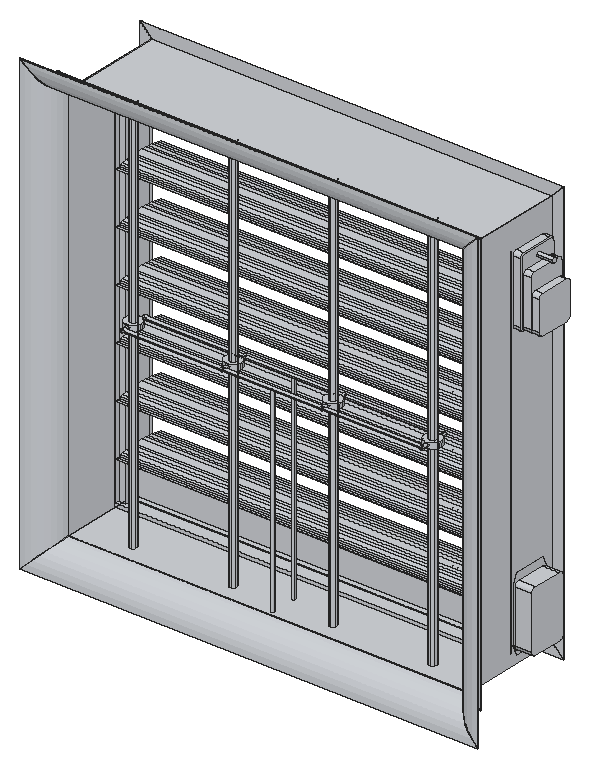
Revit family "X-12", category Mechanical Equipment, Revit 2015
Parameters
  URL = "https://unitedenertech.com/catalog/pdf/O_1%20X-12%20IAQ%20Station.pdf"
  Type Comments = "Max. Single Section Size is (60\"w x 72\"h)"
  Sleeve Width O.D. [instance] = Exact Width + 0' 3"  # 4' - 3"
  Sleeve Height O.D. [instance] = Exact Height + 0' 3"  # 4' - 3"
  Model = "X-12"
  Inlet Bell Option = yes
  (4) Tube Visibility [instance] = if(Exact Width > 2' 11 251/256", 2 > 1, 1 > 2)  # yes
  (3) Tube Visibility [instance] = if(and(Exact Width > 1' 11 251/256", Exact Width < 2' 11 251/256"), 2 > 1, 1 > 2)  # no
  (2) Tube Visibility [instance] = if(and(Exact Width > 0' 11 251/256", Exact Width < 1' 11 251/256"), 2 > 1, 1 > 2)  # no
  (1) Tube Visibility [instance] = if(Exact Width < 0' 11 251/256", 2 > 1, 1 > 2)  # no
  Manufacturer = "United Enertech Corporation"
  Keynote = "Flow Sensors set to visibility parameters, correct number and spacing will show when loaded into project."
  Exact Width = 4' - 0"
  Exact Height = 4' - 0"
  Description = "Indoor Air Quality Measuring Station with CD-150"
  Depth = 1' - 0 1/2"
  Damper Width [instance] = Exact Width - 0' 0 1/4"  # 3' - 11 3/4"
  Damper Height [instance] = Exact Height - 0' 0 1/4"  # 3' - 11 3/4"
Reference planes (in)
  plane 1 "Center (Front/Back)": y = 0
  plane 2: z = 0
  plane 3 "Center (Left/Right)": x = 0
  plane 4: x = -24
  plane 5: x = 24
  plane 6: z = 48
  plane 7: y = 12.5
  plane 8: z = 24
  plane 9: x = 24.0478
  plane 10: z = 44.62969
  plane 11: y = 2.1952
  plane 12: z = 49.5
  plane 13: z = -1.5
  plane 14: x = -25.5
  plane 15: x = 25.5
Forms (in)
  Extrusion 1, solid
    sketch origin (13, 0.1875, 0) x (1, 0, 0) y (0, 1, 0)
      loop
        circle (-13, 0.45626) r 0.1875
    from 0 to 24
  Extrusion 2, solid
    sketch origin (13, 3.29038, 0) x (1, 0, 0) y (0, 1, 0)
      loop
        circle (-13, 0.45626) r 0.1875
    from 0 to 24
Dimensions and locks (in)
  equal spacing: plane 4, plane 3 "Center (Left/Right)", plane 5
  "Exact Width": plane 4 to plane 5
  "Exact Height": plane 6 to level
  "Depth": plane 7 to plane 1 "Center (Front/Back)"
  equal spacing: plane 6, plane 8, level
  locked: plane 9 to plane 5 at 0.0478
  locked: plane 6 to plane 10 at 3.37031
  locked: plane 12 to plane 6 at 1.5
  locked: level to plane 13 at 1.5
  locked: plane 14 to plane 4 at 1.5
  locked: plane 5 to plane 15 at 1.5
  aligned and locked: level to plane 2
  aligned and locked: nested 1 to plane 4
  aligned and locked: plane 5 to nested 3
  aligned and locked: plane 3 "Center (Left/Right)" to nested 2
  aligned and locked: nested 4 to plane 3 "Center (Left/Right)"
  aligned and locked: level to nested 2
  aligned and locked: plane 6 to nested 4
  aligned and locked: plane 3 "Center (Left/Right)" to nested 5
  aligned and locked: plane 8 to Extrusion 1
  aligned and locked: plane 8 to Extrusion 2
  aligned and locked: plane 10 to nested 7
  aligned and locked: plane 9 to nested 7
  aligned and locked: plane 9 to nested 8
  aligned and locked: plane 3 "Center (Left/Right)" to nested 6
  aligned and locked: plane 11 to nested 9
  aligned and locked: plane 3 "Center (Left/Right)" to nested 9
  aligned and locked: plane 11 to nested 10
  aligned and locked: plane 3 "Center (Left/Right)" to nested 10
  aligned and locked: plane 11 to nested 11
  aligned and locked: plane 3 "Center (Left/Right)" to nested 11
  aligned and locked: plane 3 "Center (Left/Right)" to nested 12
  aligned and locked: plane 1 "Center (Front/Back)" to nested 12
  aligned and locked: plane 12 to nested 12
  aligned and locked: nested 14 to plane 3 "Center (Left/Right)"
  aligned and locked: plane 13 to nested 14
  aligned and locked: nested 14 to plane 1 "Center (Front/Back)"
  aligned and locked: nested 13 to plane 8
  aligned and locked: plane 15 to nested 13
  aligned and locked: nested 13 to nested 14
  aligned and locked: plane 8 to nested 15
  aligned and locked: nested 15 to plane 14
  aligned and locked: nested 15 to plane 1 "Center (Front/Back)"
Automatic sketch dimensions
  Extrusion 1 sketch curve to plane 3 "Center (Left/Right)" = 0' - 0"
  Extrusion 1 sketch curve to plane 1 "Center (Front/Back)" = 0' - 0.64376"
  Extrusion 2 sketch curve to plane 3 "Center (Left/Right)" = 0' - 0"
  Extrusion 2 sketch curve to plane 1 "Center (Front/Back)" = 0' - 3.74664"
  radius of Extrusion 1 sketch curve = 0' - 0 3/16"
  radius of Extrusion 2 sketch curve = 0' - 0 3/16"
Nested families (in)
  nested 1: "X11 Sleeve" at (-25.5, 5.5, -1.5), type "X11 Sleeve"
    with Sleeve Height 4' - 3"
  nested 2: "X11 Sleeve Sill" at (0, 12.5, -1.5), type "X11 Sleeve Sill"
    with Sleeve Length 4' - 3"
  nested 3: "X11 Sleeve" at (25.5, 5.5, -1.5) x (-1, 0, 0) z (0, 0, 1), type "X11 Sleeve"
    with Sleeve Height 4' - 3"
  nested 4: "X11 Sleeve Sill" at (0, 12.5, 49.5) x (1, 0, 0) z (0, 0, -1), type "X11 Sleeve Sill"
    with Sleeve Length 4' - 3"
  nested 5: "CD-150,151" at (0, 6.77656, 0.125), type "CD-150,151"
    with Blade Number 7, BW 3' - 9 13/16", Exact Width 3' - 11 3/4", Exact Height 3' - 11 3/4"
  nested 6: "Vertical Tubes" at (0, 2.1952, 0), visible <- "(1) Tube Visibility", type "Vertical Tubes"
    with Tube Height 4' - 0"
  nested 7: "Actuator" at (26.08359, 8.92639, 0), type "Actuator"
  nested 8: "Transducer" at (38.21171, 19.38188, 4.28734), type "Transducer"
  nested 9: "2 Tubes" at (0, 2.1952, 0), visible <- "(2) Tube Visibility", type "2 Tubes"
    with Tube End 1' - 0", Tube Width 4' - 0", Tube Height 4' - 0"
  nested 10: "3 Tubes" at (0, 2.1952, 0), visible <- "(3) Tube Visibility", type "3 Tubes"
    with Tube End 0' - 8", Tube Width 4' - 0", Tube Height 4' - 0"
  nested 11: "4 Tubes" at (0, 2.1952, 0), visible <- "(4) Tube Visibility", type "4 Tubes"
    with Tube Middle 1' - 0", Tube End 0' - 6", Tube Width 4' - 0", Tube Height 4' - 0"
  nested 12: "X12 BM" at (0, 0, 48), visible <- "Inlet Bell Option", type "X12 BM"
    with Sleeve O.D. 4' - 3"
  nested 13: "X12 BM2" at (24, 0, 24) x (0, 0, -1) z (1, 0, 0), visible <- "Inlet Bell Option", type "X12 BM2"
    with Sleeve O.D. 4' - 3"
  nested 14: "X12 BM" at (0, 0, 0) x (1, 0, 0) z (0, 0, -1), visible <- "Inlet Bell Option", type "X12 BM"
    with Sleeve O.D. 4' - 3"
  nested 15: "X12 BM2" at (-24, 0, 24) x (0, 0, -1) z (-1, 0, 0), visible <- "Inlet Bell Option", type "X12 BM2"
    with Sleeve O.D. 4' - 3"
Definition of nested family "X11 Sleeve"
  Parameters (values of type "X11 Sleeve")
    Sleeve Height = 3' - 0"
  Reference planes (in)
    plane 1 "Center (Front/Back)": y = 0
    plane 2: z = 0
    plane 3 "Center (Left/Right)": x = 0
    plane 4: z = 36
  Forms (in)
    Extrusion 1, solid
      sketch origin (34.47473, 6.1468, 0) x (1, 0, 0) y (0, 1, 0)
        loop
          line (-34.47473, -11.6468) -> (-32.97473, -11.6468) -> (-32.97473, 0.8532) -> (-34.47473, 0.8532) -> (-34.47473, 0.8054) -> (-33.02253, 0.8054) -> (-33.02253, -11.599) -> (-34.47473, -11.599) -> (-34.47473, -11.6468)
      from 0 to 36
    Extrusion 2, void
      sketch origin (1.56793, 0, -1.56793) x (1, 0, 0) y (0, 0, 1)
        loop
          line (-1.56793, 37.56793) -> (3.35876, 32.64124) -> (3.35876, 37.56793) -> (-1.56793, 37.56793)
      from -11.65041 to 12
    Extrusion 3, void
      sketch origin (1.56793, 0, 25.56793) x (1, 0, 0) y (0, 0, 1)
        loop
          line (-1.56793, -25.56793) -> (3.35876, -25.56793) -> (3.35876, -20.64124) -> (-1.56793, -25.56793)
      from -11.65041 to 12
  Cuts and joins
    Extrusion 2, Extrusion 3 cuts Extrusion 1
  Dimensions and locks (in)
    "Sleeve Height": plane 4 to level
    aligned and locked: level to plane 2
    aligned and locked: plane 4 to Extrusion 1
    aligned and locked: Extrusion 1 to level
    aligned and locked: plane 4 to Extrusion 2
  Automatic sketch dimensions
    Extrusion 1 sketch curve to plane 3 "Center (Left/Right)" = 0' - 0"  (x2)
    Extrusion 1 sketch curve to Extrusion 1 sketch curve = 0' - 1.4522"
    Extrusion 1 sketch curve to Extrusion 1 sketch curve = 0' - 0.0478"  (x3)
    plane 1 "Center (Front/Back)" to Extrusion 1 sketch curve = 0' - 5 1/2"
    Extrusion 1 sketch curve to plane 1 "Center (Front/Back)" = 0' - 6.9522"
    Extrusion 2 sketch curve to plane 4 = 0' - 0"
    plane 3 "Center (Left/Right)" to Extrusion 2 sketch curve = 0' - 0"
    Extrusion 2 sketch curve to Extrusion 2 sketch curve = 0' - 4.92669"
    Extrusion 2 sketch curve to plane 4 = 0' - 4.92669"
    Extrusion 3 sketch curve to plane 3 "Center (Left/Right)" = 0' - 0"
    Extrusion 3 sketch curve to Extrusion 3 sketch curve = 0' - 4.92669"  (x2)
    Extrusion 3 sketch curve to level = 0' - 4.92669"
Definition of nested family "X11 Sleeve Sill"
  Parameters (values of type "X11 Sleeve Sill")
    Sleeve Length = 3' - 0"
  Reference planes (in)
    plane 1 "Center (Front/Back)": y = 0
    plane 2: z = 0
    plane 3 "Center (Left/Right)": x = 0
    plane 4: x = -18
    plane 5: x = 18
  Forms (in)
    Extrusion 1, solid
      sketch origin (-42.29598, -20.63756, 37.04598) x (0, 0, 1) y (0, -1, 0)
        loop
          line (-37.04598, -20.58976) -> (-37.04598, -20.63756) -> (-35.54598, -20.63756) -> (-35.54598, -8.13756) -> (-37.04598, -8.13756) -> (-37.04598, -8.18536) -> (-35.59378, -8.18536) -> (-35.59378, -20.58976) -> (-37.04598, -20.58976)
      from 24.29598 to 60.29598
    Extrusion 2, void
      sketch origin (10.42893, 0, 0.17893) x (1, 0, 0) y (0, 0, 1)
        loop
          line (-28.42893, -0.17893) -> (-21.17893, 7.07107) -> (-28.42893, 7.07107) -> (-28.42893, -0.17893)
      from -6.68931 to 21.72437
    Extrusion 3, void
      sketch origin (-20.10051, 0, 0.10051) x (1, 0, 0) y (0, 0, 1)
        loop
          line (38.10051, -0.10051) -> (38.10051, 9.89949) -> (28.10051, 9.89949) -> (38.10051, -0.10051)
      from -12.76887 to 21.72437
  Cuts and joins
    Extrusion 2, Extrusion 3 cuts Extrusion 1
  Dimensions and locks (in)
    equal spacing: plane 4, plane 3 "Center (Left/Right)", plane 5
    "Sleeve Length": plane 4 to plane 5
    aligned and locked: level to plane 2
    aligned and locked: plane 5 to Extrusion 1
    aligned and locked: plane 4 to Extrusion 1
    aligned and locked: plane 4 to Extrusion 2
    aligned and locked: plane 5 to Extrusion 3
  Automatic sketch dimensions
    Extrusion 1 sketch curve to level = 0' - 0"  (x2)
    Extrusion 1 sketch curve to plane 1 "Center (Front/Back)" = 0' - 0"
    plane 1 "Center (Front/Back)" to Extrusion 1 sketch curve = 0' - 0.0478"
    level to Extrusion 1 sketch curve = 0' - 1.4522"
    Extrusion 1 sketch curve to Extrusion 1 sketch curve = 0' - 0.0478"  (x2)
    Extrusion 1 sketch curve to Extrusion 1 sketch curve = 1' - 0.4044"
    level to Extrusion 2 sketch curve = 0' - 0"
    Extrusion 2 sketch curve to plane 4 = 0' - 7 1/4"
    level to Extrusion 2 sketch curve = 0' - 7 1/4"
    Extrusion 2 sketch curve to Extrusion 2 sketch curve = 0' - 7 1/4"
    level to Extrusion 3 sketch curve = 0' - 0"
    Extrusion 3 sketch curve to plane 5 = 0' - 10"
    level to Extrusion 3 sketch curve = 0' - 10"
    Extrusion 3 sketch curve to Extrusion 3 sketch curve = 0' - 10"
Definition of nested family "CD-150,151"
  Parameters (values of type "CD-150,151")
    URL = "http://unitedenertech.com/catalog/pdf/A_9,%2010,%2011,%2012%20CD-150,%20151.pdf"
    Type Comments = "Max. Single Section Size is (60\"w x 72\"h)"
    Model = "CD-150, CD-151"
    Manufacturer = "United Enertech Corporation"
    Keynote = "This model is only a representation of the product, blade position will vary from built dampers."
    Exact Width = 4' - 0"
    Exact Height = 4' - 2"
    Description = "Airfoil Opposed Blade / Parallel Blade Control Damper"
    Blade Spacing = 0' - 6 1/4"
    Blade Number [instance] = rounddown((Exact Height - 0' 2 3/4") / Blade Spacing)  # 7
    BW [instance] = Exact Width - 0' 1 15/16"  # 3' - 10 1/16"
  Reference planes (in)
    plane 1 "Center (Front/Back)": y = 0
    plane 2: z = 0
    plane 3 "Center (Left/Right)": x = 0
    plane 4: x = -24
    plane 5: x = 24
    plane 6: z = 50
    plane 7: z = 0.5
    plane 8: z = 49.5
    plane 9: x = -23.125
    plane 10: x = 23.125
    plane 11: z = 46.20312
  Forms (in)
    Extrusion 1, solid
      sketch origin (-10.94563, 56.53311, 0) x (0, 1, 0) y (-1, 0, 0)
        loop
          line (-56.53311, 12.97437) -> (-56.07011, 12.97437) -> (-56.07011, 12.17937) -> (-52.49611, 12.17937) -> (-52.49611, 12.97437) -> (-52.03311, 12.97437) -> (-52.03311, 13.05437) -> (-52.57611, 13.05437) -> (-52.57611, 12.46516) -> (-52.61757, 12.51649) -> (-52.6794, 12.56048) -> (-52.75426, 12.58054) -> (-52.77072, 12.48933)
          arc (-52.77072, 12.48933) -> (-52.68095, 12.36712) -> (-52.81664, 12.43482) r 0.078
          line (-52.81664, 12.43482) -> (-52.90129, 12.4267) -> (-52.87778, 12.33896) -> (-52.8428, 12.29687) -> (-52.79089, 12.25937) -> (-55.76027, 12.25937) -> (-55.71053, 12.30912) -> (-55.67609, 12.36632) -> (-55.67078, 12.44579) -> (-55.75297, 12.44579)
          arc (-55.75297, 12.44579) -> (-55.87883, 12.36035) -> (-55.80226, 12.4918) r 0.078
          line (-55.80226, 12.4918) -> (-55.81534, 12.5768) -> (-55.90864, 12.5518) -> (-55.94901, 12.51604) -> (-55.99011, 12.45116) -> (-55.99011, 13.05437) -> (-56.53311, 13.05437) -> (-56.53311, 12.97437)
      from 0.5 to 49.5
    Extrusion 2, solid
      sketch origin (10.94563, 56.53311, 0) x (0, 1, 0) y (-1, 0, 0)
        loop
          line (-56.53311, -12.97437) -> (-56.53311, -13.05437) -> (-55.99011, -13.05437) -> (-55.99011, -12.45116) -> (-55.94901, -12.51604) -> (-55.90864, -12.5518) -> (-55.81534, -12.5768) -> (-55.80226, -12.4918)
          arc (-55.80226, -12.4918) -> (-55.87883, -12.36035) -> (-55.75297, -12.44579) r 0.078
          line (-55.75297, -12.44579) -> (-55.67078, -12.44579) -> (-55.67609, -12.36632) -> (-55.71053, -12.30912) -> (-55.76027, -12.25937) -> (-52.79089, -12.25937) -> (-52.8428, -12.29687) -> (-52.87778, -12.33896) -> (-52.90129, -12.4267) -> (-52.81664, -12.43482)
          arc (-52.81664, -12.43482) -> (-52.68095, -12.36712) -> (-52.77072, -12.48933) r 0.078
          line (-52.77072, -12.48933) -> (-52.75426, -12.58054) -> (-52.6794, -12.56048) -> (-52.61757, -12.51649) -> (-52.57611, -12.46516) -> (-52.57611, -13.05437) -> (-52.03311, -13.05437) -> (-52.03311, -12.97437) -> (-52.49611, -12.97437) -> (-52.49611, -12.17937) -> (-56.07011, -12.17937) -> (-56.07011, -12.97437) -> (-56.53311, -12.97437)
      from 0.5 to 49.5
    Extrusion 3, solid
      sketch origin (-23.46325, -52.03311, -12.20737) x (0, -1, 0) y (0, 0, 1)
        loop
          line (-56.34511, 12.28737) -> (-56.45311, 12.28737) -> (-56.45311, 12.62737) -> (-52.11311, 12.62737) -> (-52.11311, 12.28737) -> (-52.22111, 12.28737) -> (-52.22111, 12.20737) -> (-52.03311, 12.20737) -> (-52.03311, 12.70737) -> (-56.53311, 12.70737) -> (-56.53311, 12.20737) -> (-56.34511, 12.20737) -> (-56.34511, 12.28737)
      from -47.46325 to 0.53675
    Extrusion 4, solid
      sketch origin (-35.31788, -52.03311, 54.20737) x (0, -1, 0) y (0, 0, -1)
        loop
          line (-56.34511, 4.28737) -> (-56.45311, 4.28737) -> (-56.45311, 4.62737) -> (-52.11311, 4.62737) -> (-52.11311, 4.28737) -> (-52.22111, 4.28737) -> (-52.22111, 4.20737) -> (-52.03311, 4.20737) -> (-52.03311, 4.70737) -> (-56.53311, 4.70737) -> (-56.53311, 4.20737) -> (-56.34511, 4.20737) -> (-56.34511, 4.28737)
      from 11.31788 to 59.31788
    Extrusion 5, solid
      sketch origin (-54.80861, -46.85261, 19.59636) x (0, -1, 0) y (0, 0, -1)
        loop
          line (-49.18361, -29.40464) -> (-49.18361, -29.90364) -> (-48.43361, -29.90364) -> (-48.43361, -29.82364) -> (-49.10261, -29.82364) -> (-49.10261, -29.40464) -> (-49.18361, -29.40464)
      from 31.68361 to 77.93361
    Extrusion 6, solid
      sketch origin (0, -0.20948, -0.41805) x (0, 1, 0) y (0, 0, 1)
        loop
          line (2.45948, 4.91805) -> (2.38136, 4.91805) -> (2.38136, 0.99617) -> (1.70948, 0.99617) -> (1.70948, 0.91805) -> (2.45948, 0.91805) -> (2.45948, 4.91805)
      from -23.125 to 23.125
  Dimensions and locks (in)
    equal spacing: plane 4, plane 3 "Center (Left/Right)", plane 5
    "Exact Width": plane 4 to plane 5
    "Exact Height": plane 6 to level
    locked: plane 7 to level at 0.5
    locked: plane 6 to plane 8 at 0.5
    locked: plane 4 to plane 9 at 0.875
    locked: plane 10 to plane 5 at 0.875
    locked: plane 6 to plane 11 at 3.79688
    equal spacing: group 1, group 2, group 3, group 4, group 5, group 6, group 7  (x2)
    equal spacing: group 7, group 6, group 5, group 4, group 3, group 2, group 1
    "Blade Spacing": nested 2 to nested 1
    aligned and locked: level to plane 2
    aligned and locked: Extrusion 1 to plane 7
    aligned and locked: Extrusion 2 to plane 7
    aligned and locked: plane 5 to Extrusion 3
    aligned and locked: plane 4 to Extrusion 3
    aligned and locked: plane 6 to Extrusion 4
    aligned and locked: plane 5 to Extrusion 4
    aligned and locked: plane 4 to Extrusion 4
    aligned and locked: plane 8 to Extrusion 1
    aligned and locked: plane 8 to Extrusion 2
    aligned and locked: Extrusion 5 to Extrusion 4
    aligned and locked: plane 10 to Extrusion 5
    aligned and locked: Extrusion 5 to plane 9
    aligned and locked: nested 1 to plane 11
    aligned and locked: Extrusion 6 to plane 9
    aligned and locked: plane 10 to Extrusion 6
  Automatic sketch dimensions
    plane 1 "Center (Front/Back)" to Extrusion 1 sketch curve = 0' - 0"
    Extrusion 1 sketch curve to plane 9 = 0' - 0"
    Extrusion 1 sketch curve to plane 4 = 0' - 0"  (x2)
    Extrusion 1 sketch curve to plane 4 = 0' - 0.08"  (x2)
    Extrusion 1 sketch curve to plane 1 "Center (Front/Back)" = 0' - 0.463"
    Extrusion 1 sketch curve to Extrusion 1 sketch curve = 0' - 0.08"  (x2)
    Extrusion 1 sketch curve to Extrusion 1 sketch curve = 0' - 0.0411"
    Extrusion 1 sketch curve to Extrusion 1 sketch curve = 0' - 0.04037"
    Extrusion 1 sketch curve to Extrusion 1 sketch curve = 0' - 0.08303"
    Extrusion 1 sketch curve to Extrusion 1 sketch curve = 0' - 0.0933"
    Extrusion 1 sketch curve to plane 9 = 0' - 0.31242"
    Extrusion 1 sketch curve to Extrusion 1 sketch curve = 0' - 0.02335"
    Extrusion 1 sketch curve to plane 9 = 0' - 0.08"
    Extrusion 1 sketch curve to Extrusion 1 sketch curve = 0' - 0.06534"
    Extrusion 1 sketch curve to Extrusion 1 sketch curve = 0' - 0.04929"
    Extrusion 1 sketch curve to plane 9 = 0' - 0.12974"
    Extrusion 1 sketch curve to Extrusion 1 sketch curve = 0' - 0.04974"
    Extrusion 1 sketch curve to plane 9 = 0' - 0.18694"
    Extrusion 1 sketch curve to Extrusion 1 sketch curve = 0' - 0.03444"
    Extrusion 1 sketch curve to Extrusion 1 sketch curve = 0' - 0.00531"
    Extrusion 1 sketch curve to plane 9 = 0' - 0.24733"
    Extrusion 1 sketch curve to Extrusion 1 sketch curve = 0' - 2.76949"
    Extrusion 1 sketch curve to plane 9 = 0' - 0.15959"
    Extrusion 1 sketch curve to Extrusion 1 sketch curve = 0' - 0.02351"
    Extrusion 1 sketch curve to plane 9 = 0' - 0.11749"
    Extrusion 1 sketch curve to Extrusion 1 sketch curve = 0' - 0.03498"
    Extrusion 1 sketch curve to plane 9 = 0' - 0.25544"
    Extrusion 1 sketch curve to Extrusion 1 sketch curve = 0' - 0.08465"
    Extrusion 1 sketch curve to Extrusion 1 sketch curve = 0' - 0.05191"
    Extrusion 1 sketch curve to plane 9 = 0' - 0.30996"
    Extrusion 1 sketch curve to Extrusion 1 sketch curve = 0' - 0.04592"
    Extrusion 1 sketch curve to plane 9 = 0' - 0.40116"
    Extrusion 1 sketch curve to Extrusion 1 sketch curve = 0' - 0.01646"
    Extrusion 1 sketch curve to Extrusion 1 sketch curve = 0' - 0.03011"
    Extrusion 1 sketch curve to plane 9 = 0' - 0.3811"
    Extrusion 1 sketch curve to Extrusion 1 sketch curve = 0' - 0.07486"
    Extrusion 1 sketch curve to plane 9 = 0' - 0.33712"
    Extrusion 1 sketch curve to Extrusion 1 sketch curve = 0' - 0.06183"
    Extrusion 1 sketch curve to Extrusion 1 sketch curve = 0' - 0.04146"
    Extrusion 1 sketch curve to Extrusion 1 sketch curve = 0' - 0.463"
    Extrusion 1 sketch curve to Extrusion 1 sketch curve = 0' - 0.07442"
    Extrusion 1 sketch curve to Extrusion 1 sketch curve = 0' - 0.03378"
    Extrusion 1 sketch curve to Extrusion 1 sketch curve = 0' - 0.05133"
    Extrusion 1 sketch curve to Extrusion 1 sketch curve = 0' - 0.06488"
    Extrusion 1 sketch curve to Extrusion 1 sketch curve = 0' - 0.03576"
    Extrusion 1 sketch curve to Extrusion 1 sketch curve = 0' - 0.085"
    plane 1 "Center (Front/Back)" to Extrusion 2 sketch curve = 0' - 0"
    Extrusion 2 sketch curve to plane 10 = 0' - 0"
    Extrusion 2 sketch curve to plane 5 = 0' - 0"  (x2)
    plane 5 to Extrusion 2 sketch curve = 0' - 0.08"  (x2)
    Extrusion 2 sketch curve to Extrusion 2 sketch curve = 0' - 0.463"  (x2)
    Extrusion 2 sketch curve to Extrusion 2 sketch curve = 0' - 0.08"  (x2)
    Extrusion 2 sketch curve to Extrusion 2 sketch curve = 0' - 0.0411"
    Extrusion 2 sketch curve to Extrusion 2 sketch curve = 0' - 0.04037"
    Extrusion 2 sketch curve to Extrusion 2 sketch curve = 0' - 0.08303"
    Extrusion 2 sketch curve to Extrusion 2 sketch curve = 0' - 0.0933"
    Extrusion 2 sketch curve to plane 10 = 0' - 0.31242"
    Extrusion 2 sketch curve to Extrusion 2 sketch curve = 0' - 0.02335"
    Extrusion 2 sketch curve to plane 10 = 0' - 0.08"
    Extrusion 2 sketch curve to Extrusion 2 sketch curve = 0' - 0.06534"
    Extrusion 2 sketch curve to Extrusion 2 sketch curve = 0' - 0.04929"
    Extrusion 2 sketch curve to plane 10 = 0' - 0.12974"
    Extrusion 2 sketch curve to Extrusion 2 sketch curve = 0' - 0.04974"
    Extrusion 2 sketch curve to plane 10 = 0' - 0.18694"
    Extrusion 2 sketch curve to Extrusion 2 sketch curve = 0' - 0.03444"
    Extrusion 2 sketch curve to Extrusion 2 sketch curve = 0' - 0.00531"
    Extrusion 2 sketch curve to plane 10 = 0' - 0.24733"
    Extrusion 2 sketch curve to Extrusion 2 sketch curve = 0' - 2.76949"
    Extrusion 2 sketch curve to plane 10 = 0' - 0.15959"
    Extrusion 2 sketch curve to Extrusion 2 sketch curve = 0' - 0.02351"
    Extrusion 2 sketch curve to plane 10 = 0' - 0.11749"
    Extrusion 2 sketch curve to Extrusion 2 sketch curve = 0' - 0.03498"
    Extrusion 2 sketch curve to plane 10 = 0' - 0.25544"
    Extrusion 2 sketch curve to Extrusion 2 sketch curve = 0' - 0.08465"
    Extrusion 2 sketch curve to Extrusion 2 sketch curve = 0' - 0.05191"
    Extrusion 2 sketch curve to plane 10 = 0' - 0.30996"
    Extrusion 2 sketch curve to Extrusion 2 sketch curve = 0' - 0.04592"
    Extrusion 2 sketch curve to plane 10 = 0' - 0.40116"
    Extrusion 2 sketch curve to Extrusion 2 sketch curve = 0' - 0.01646"
    Extrusion 2 sketch curve to Extrusion 2 sketch curve = 0' - 0.07602"
    Extrusion 2 sketch curve to plane 10 = 0' - 0.3811"
    Extrusion 2 sketch curve to Extrusion 2 sketch curve = 0' - 0.07486"
    Extrusion 2 sketch curve to plane 10 = 0' - 0.33712"
    Extrusion 2 sketch curve to Extrusion 2 sketch curve = 0' - 0.06183"
    Extrusion 2 sketch curve to Extrusion 2 sketch curve = 0' - 0.04146"
    Extrusion 2 sketch curve to Extrusion 2 sketch curve = 0' - 0.07442"
    Extrusion 2 sketch curve to Extrusion 2 sketch curve = 0' - 0.03378"
    Extrusion 2 sketch curve to Extrusion 2 sketch curve = 0' - 0.05133"
    Extrusion 2 sketch curve to Extrusion 2 sketch curve = 0' - 0.06488"
    Extrusion 2 sketch curve to Extrusion 2 sketch curve = 0' - 0.03576"
    Extrusion 2 sketch curve to Extrusion 2 sketch curve = 0' - 0.085"
    Extrusion 3 sketch curve to level = 0' - 0"  (x2)
    Extrusion 3 sketch curve to plane 7 = 0' - 0"
    Extrusion 3 sketch curve to plane 1 "Center (Front/Back)" = 0' - 0"
    Extrusion 3 sketch curve to plane 1 "Center (Front/Back)" = 0' - 0.08"
    Extrusion 3 sketch curve to Extrusion 3 sketch curve = 0' - 0.108"  (x2)
    Extrusion 3 sketch curve to Extrusion 3 sketch curve = 0' - 4.124"
    Extrusion 3 sketch curve to plane 7 = 0' - 0.08"
    Extrusion 3 sketch curve to Extrusion 3 sketch curve = 0' - 0.08"
    level to Extrusion 3 sketch curve = 0' - 0.08"  (x2)
    plane 8 to Extrusion 4 sketch curve = 0' - 0"
    Extrusion 4 sketch curve to plane 6 = 0' - 0"  (x2)
    Extrusion 4 sketch curve to plane 1 "Center (Front/Back)" = 0' - 0"
    Extrusion 4 sketch curve to plane 1 "Center (Front/Back)" = 0' - 0.08"
    Extrusion 4 sketch curve to Extrusion 4 sketch curve = 0' - 0.108"  (x2)
    Extrusion 4 sketch curve to plane 6 = 0' - 0.08"  (x2)
    Extrusion 4 sketch curve to Extrusion 4 sketch curve = 0' - 4.124"
    Extrusion 4 sketch curve to Extrusion 4 sketch curve = 0' - 0.08"
    plane 8 to Extrusion 4 sketch curve = 0' - 0.08"
    plane 7 to Extrusion 5 sketch curve = 4' - 1"
    Extrusion 5 sketch curve to plane 1 "Center (Front/Back)" = 0' - 2.331"
    Extrusion 5 sketch curve to Extrusion 5 sketch curve = 0' - 0.081"
    Extrusion 5 sketch curve to Extrusion 5 sketch curve = 0' - 0.669"
    Extrusion 5 sketch curve to Extrusion 5 sketch curve = 0' - 0.08"
    Extrusion 5 sketch curve to Extrusion 5 sketch curve = 0' - 0.419"
    plane 7 to Extrusion 6 sketch curve = 0' - 0 5/64"
    Extrusion 6 sketch curve to plane 1 "Center (Front/Back)" = 0' - 1 1/2"
    Extrusion 6 sketch curve to plane 1 "Center (Front/Back)" = 0' - 2 11/64"
    Extrusion 6 sketch curve to Extrusion 6 sketch curve = 0' - 0 5/64"  (x2)
    Extrusion 6 sketch curve to Extrusion 6 sketch curve = 0' - 3 59/64"
  Nested families (in)
    nested 1: "150BL" at (0, 10.1786, 39.81342), type "150BL"
      with Blade Width 3' - 10 1/16"
    nested 2: "150BL" at (0, 10.1786, 33.56342), type "150BL"
      with Blade Width 3' - 10 1/16"
    nested 3: "150BL" at (0, 10.1786, 27.31342), type "150BL"
      with Blade Width 3' - 10 1/16"
    nested 4: "150BL" at (0, 10.1786, 21.06342), type "150BL"
      with Blade Width 3' - 10 1/16"
    nested 5: "150BL" at (0, 10.1786, 14.81342), type "150BL"
      with Blade Width 3' - 10 1/16"
    nested 6: "150BL" at (0, 10.1786, 8.56342), type "150BL"
      with Blade Width 3' - 10 1/16"
    nested 7: "150BL" at (0, 10.1786, 2.31342), type "150BL"
      with Blade Width 3' - 10 1/16"
  Definition of nested family "150BL"
    Parameters (values of type "150BL")
      Blade Width = 2' - 0"
    Reference planes (in)
      plane 1 "Center (Front/Back)": y = 0
      plane 2: z = 0
      plane 3 "Center (Left/Right)": x = 0
      plane 4: x = -12
      plane 5: x = 12
      plane 6: x = -13
      plane 7: x = -10
      plane 8: x = 10
      plane 9: x = 13
    Forms (in)
      Extrusion 1, solid
        sketch origin (-2.31356, 40.79672, -3.60269) x (0, 1, 0) y (0, 0, 1)
          loop
            line (-36.34156, 9.61771) -> (-36.32084, 9.54039) -> (-35.91646, 9.6284) -> (-35.52979, 9.70143) -> (-35.52979, 9.45594) -> (-35.10866, 9.38863) -> (-34.56147, 9.31504) -> (-33.98979, 9.2547) -> (-33.44761, 9.21299) -> (-32.30457, 9.21299) -> (-31.84572, 9.23281) -> (-31.11827, 9.29444) -> (-30.2516, 9.41611) -> (-29.72802, 9.51555) -> (-29.39051, 9.59023) -> (-29.41121, 9.66748) -> (-29.81927, 9.57842) -> (-30.20697, 9.50493) -> (-30.20697, 9.74845) -> (-30.5749, 9.80785) -> (-31.09993, 9.88042) -> (-31.53804, 9.93011) -> (-31.97601, 9.96997) -> (-32.28761, 9.99239) -> (-33.44926, 9.99239) -> (-34.00709, 9.96562) -> (-34.46872, 9.92725) -> (-34.91646, 9.87588) -> (-35.39441, 9.80551) -> (-35.81337, 9.73043) -> (-36.34156, 9.61771)
          loop
            line (-30.28697, 9.49123) -> (-30.28697, 9.68086) -> (-30.60239, 9.7311) -> (-31.0903, 9.79859) -> (-31.68303, 9.86403) -> (-32.29119, 9.91242) -> (-32.80024, 9.91242) -> (-32.57304, 9.68523) -> (-32.68722, 9.68523) -> (-32.86812, 9.86613) -> (-33.13163, 9.60279) -> (-32.86812, 9.33929) -> (-32.69003, 9.51737) -> (-32.57591, 9.51737) -> (-32.80029, 9.29299) -> (-32.57455, 9.29299) -> (-32.18907, 9.29646) -> (-31.42211, 9.34456) -> (-30.77365, 9.4172) -> (-30.28697, 9.49123)
          loop
            line (-35.44979, 9.71556) -> (-35.44979, 9.52354) -> (-34.79776, 9.42561) -> (-34.05369, 9.34096) -> (-33.4461, 9.29302) -> (-32.93603, 9.29302) -> (-33.24571, 9.60271) -> (-32.936, 9.91242) -> (-33.4472, 9.91242) -> (-33.92906, 9.8905) -> (-34.59722, 9.83347) -> (-35.15668, 9.76166) -> (-35.44979, 9.71556)
        from -9.68644 to 14.31356
      Extrusion 2, solid
        sketch origin (-2.31356, 40.743, -0.94078) x (0, 1, 0) y (0, 0, 1)
          loop
            line (-32.81439, 7.20422) -> (-33.0779, 6.94088) -> (-32.81439, 6.67738) -> (-32.55097, 6.9408) -> (-32.81439, 7.20422)
        from 12.31356 to 15.31356
      Extrusion 3, solid
        sketch origin (-35.56356, 40.743, -0.94078) x (0, 1, 0) y (0, 0, 1)
          loop
            line (-32.81439, 7.20422) -> (-33.0779, 6.94088) -> (-32.81439, 6.67738) -> (-32.55097, 6.9408) -> (-32.81439, 7.20422)
        from 22.56356 to 25.56356
    Dimensions and locks (in)
      equal spacing: plane 4, plane 3 "Center (Left/Right)", plane 5
      "Blade Width": plane 4 to plane 5
      locked: plane 6 to plane 4 at 1
      locked: plane 4 to plane 7 at 2
      locked: plane 8 to plane 5 at 2
      locked: plane 5 to plane 9 at 1
      aligned and locked: level to plane 2
      aligned and locked: plane 5 to Extrusion 1
      aligned and locked: plane 4 to Extrusion 1
      aligned and locked: plane 9 to Extrusion 2
      aligned and locked: plane 8 to Extrusion 2
      aligned and locked: plane 6 to Extrusion 3
      aligned and locked: Extrusion 3 to plane 7
    Automatic sketch dimensions
      Extrusion 1 sketch curve to plane 1 "Center (Front/Back)" = 0' - 4.45517"
      Extrusion 1 sketch curve to Extrusion 1 sketch curve = 0' - 0.02072"
      Extrusion 1 sketch curve to Extrusion 1 sketch curve = 0' - 0.40438"
      Extrusion 1 sketch curve to Extrusion 1 sketch curve = 0' - 0.10309"
      Extrusion 1 sketch curve to Extrusion 1 sketch curve = 0' - 0.28358"
      Extrusion 1 sketch curve to Extrusion 1 sketch curve = 0' - 0.08"  (x3)
      Extrusion 1 sketch curve to Extrusion 1 sketch curve = 0' - 0.05538"
      Extrusion 1 sketch curve to Extrusion 1 sketch curve = 0' - 0.23773"
      Extrusion 1 sketch curve to Extrusion 1 sketch curve = 0' - 0.34113"
      Extrusion 1 sketch curve to Extrusion 1 sketch curve = 0' - 0.24022"
      Extrusion 1 sketch curve to Extrusion 1 sketch curve = 0' - 0.3109"
      Extrusion 1 sketch curve to Extrusion 1 sketch curve = 0' - 0.31924"
      Extrusion 1 sketch curve to Extrusion 1 sketch curve = 0' - 0.23629"
      Extrusion 1 sketch curve to Extrusion 1 sketch curve = 0' - 0.12851"
      Extrusion 1 sketch curve to Extrusion 1 sketch curve = 0' - 0.50778"
      Extrusion 1 sketch curve to Extrusion 1 sketch curve = 0' - 0.46162"
      Extrusion 1 sketch curve to Extrusion 1 sketch curve = 0' - 0.0639"
      Extrusion 1 sketch curve to Extrusion 1 sketch curve = 0' - 0.07803"
      Extrusion 1 sketch curve to Extrusion 1 sketch curve = 0' - 0.47981"
      Extrusion 1 sketch curve to Extrusion 1 sketch curve = 0' - 0.54218"
      Extrusion 1 sketch curve to Extrusion 1 sketch curve = 0' - 0.00206"
      Extrusion 1 sketch curve to Extrusion 1 sketch curve = 0' - 0.00152"
      Extrusion 1 sketch curve to Extrusion 1 sketch curve = 0' - 0.20038"
      Extrusion 1 sketch curve to Extrusion 1 sketch curve = 0' - 0.11409"
      Extrusion 1 sketch curve to Extrusion 1 sketch curve = 0' - 0.1956"
      Extrusion 1 sketch curve to Extrusion 1 sketch curve = 0' - 0.19563"
      Extrusion 1 sketch curve to Extrusion 1 sketch curve = 0' - 0.06791"
      Extrusion 1 sketch curve to Extrusion 1 sketch curve = 0' - 0.06788"  (x2)
      Extrusion 1 sketch curve to Extrusion 1 sketch curve = 0' - 0.06783"
      Extrusion 1 sketch curve to Extrusion 1 sketch curve = 0' - 0.11025"
      Extrusion 1 sketch curve to Extrusion 1 sketch curve = 0' - 0.00282"
      Extrusion 1 sketch curve to Extrusion 1 sketch curve = 0' - 0.11413"
      Extrusion 1 sketch curve to Extrusion 1 sketch curve = 0' - 0.00136"
      Extrusion 1 sketch curve to Extrusion 1 sketch curve = 0' - 0.11417"
      Extrusion 1 sketch curve to Extrusion 1 sketch curve = 0' - 0.26998"
      Extrusion 1 sketch curve to Extrusion 1 sketch curve = 0' - 0.28185"
      Extrusion 1 sketch curve to Extrusion 1 sketch curve = 0' - 0.00359"
      Extrusion 1 sketch curve to Extrusion 1 sketch curve = 0' - 0.1155"
      Extrusion 1 sketch curve to Extrusion 1 sketch curve = 0' - 0.3116"
      Extrusion 1 sketch curve to Extrusion 1 sketch curve = 0' - 0.34335"
      Extrusion 1 sketch curve to Extrusion 1 sketch curve = 0' - 0 75/256"
      Extrusion 1 sketch curve to Extrusion 1 sketch curve = 0' - 0.14499"
      Extrusion 1 sketch curve to Extrusion 1 sketch curve = 0' - 0.42361"
      Extrusion 1 sketch curve to Extrusion 1 sketch curve = 0' - 0.30383"
      Extrusion 1 sketch curve to Extrusion 1 sketch curve = 0' - 0.43811"
      Extrusion 1 sketch curve to Extrusion 1 sketch curve = 0' - 0.00963"
      Extrusion 1 sketch curve to Extrusion 1 sketch curve = 0' - 0.34462"
      Extrusion 1 sketch curve to Extrusion 1 sketch curve = 0' - 0.17127"
      Extrusion 1 sketch curve to Extrusion 1 sketch curve = 0' - 0.02749"
      Extrusion 1 sketch curve to Extrusion 1 sketch curve = 0' - 0.31542"
      Extrusion 1 sketch curve to Extrusion 1 sketch curve = 0' - 0.03537"
      Extrusion 1 sketch curve to Extrusion 1 sketch curve = 0' - 0.3877"
      Extrusion 1 sketch curve to Extrusion 1 sketch curve = 0' - 0.09125"
      Extrusion 1 sketch curve to Extrusion 1 sketch curve = 0' - 0.31681"
      Extrusion 1 sketch curve to Extrusion 1 sketch curve = 0' - 0.0207"
      level to Extrusion 1 sketch curve = 0' - 5.6103"
      Extrusion 1 sketch curve to Extrusion 1 sketch curve = 0' - 0.01982"
      Extrusion 1 sketch curve to Extrusion 1 sketch curve = 0' - 0.04171"
      Extrusion 1 sketch curve to Extrusion 1 sketch curve = 0' - 0.00003"
      Extrusion 1 sketch curve to Extrusion 1 sketch curve = 0' - 0.06162"
      Extrusion 1 sketch curve to Extrusion 1 sketch curve = 0' - 0.08347"
      Extrusion 1 sketch curve to Extrusion 1 sketch curve = 0' - 0.06034"
      Extrusion 1 sketch curve to Extrusion 1 sketch curve = 0' - 0.04629"  (x3)
      Extrusion 1 sketch curve to Extrusion 1 sketch curve = 0' - 0.08627"
      Extrusion 1 sketch curve to Extrusion 1 sketch curve = 0' - 0.05012"
      Extrusion 1 sketch curve to Extrusion 1 sketch curve = 0' - 0.0736"
      Extrusion 1 sketch curve to Extrusion 1 sketch curve = 0' - 0.12167"
      Extrusion 1 sketch curve to Extrusion 1 sketch curve = 0' - 0.12276"
      Extrusion 1 sketch curve to Extrusion 1 sketch curve = 0' - 0.11057"
      Extrusion 1 sketch curve to Extrusion 1 sketch curve = 0' - 0.0673"
      Extrusion 1 sketch curve to Extrusion 1 sketch curve = 0' - 0.07512"  (x2)
      Extrusion 1 sketch curve to Extrusion 1 sketch curve = 0' - 0.0137"
      Extrusion 1 sketch curve to Extrusion 1 sketch curve = 0' - 0.01061"
      Extrusion 1 sketch curve to Extrusion 1 sketch curve = 0' - 0.22438"
      Extrusion 1 sketch curve to Extrusion 1 sketch curve = 0' - 0.0676"  (x2)
      Extrusion 1 sketch curve to Extrusion 1 sketch curve = 0' - 0.08446"
      Extrusion 1 sketch curve to Extrusion 1 sketch curve = 0' - 0.06287"
      Extrusion 1 sketch curve to Extrusion 1 sketch curve = 0' - 0.07468"
      Extrusion 1 sketch curve to Extrusion 1 sketch curve = 0' - 0.00008"
      Extrusion 1 sketch curve to Extrusion 1 sketch curve = 0' - 0.07732"
      Extrusion 1 sketch curve to Extrusion 1 sketch curve = 0' - 0.08801"
      Extrusion 1 sketch curve to Extrusion 1 sketch curve = 0' - 0.07726"
      Extrusion 1 sketch curve to Extrusion 1 sketch curve = 0' - 0.18963"
      Extrusion 1 sketch curve to Extrusion 1 sketch curve = 0' - 0.16786"
      Extrusion 1 sketch curve to Extrusion 1 sketch curve = 0' - 0.17789"
      Extrusion 1 sketch curve to Extrusion 1 sketch curve = 0' - 0.01413"
      Extrusion 1 sketch curve to Extrusion 1 sketch curve = 0' - 0.10203"
      Extrusion 1 sketch curve to Extrusion 1 sketch curve = 0' - 0.05024"
      Extrusion 1 sketch curve to Extrusion 1 sketch curve = 0' - 0.0461"
      Extrusion 1 sketch curve to Extrusion 1 sketch curve = 0' - 0.06749"
      Extrusion 1 sketch curve to Extrusion 1 sketch curve = 0' - 0.08995"
      Extrusion 1 sketch curve to Extrusion 1 sketch curve = 0' - 0.07675"
      Extrusion 1 sketch curve to Extrusion 1 sketch curve = 0' - 0.40786"
      Extrusion 1 sketch curve to Extrusion 1 sketch curve = 0' - 0.51947"
      Extrusion 1 sketch curve to Extrusion 1 sketch curve = 0' - 0.11422"
      Extrusion 1 sketch curve to Extrusion 1 sketch curve = 0' - 0.08183"
      Extrusion 1 sketch curve to Extrusion 1 sketch curve = 0' - 0.02193"
      Extrusion 1 sketch curve to Extrusion 1 sketch curve = 0' - 0.09378"
      Extrusion 1 sketch curve to Extrusion 1 sketch curve = 0' - 0.06608"
      Extrusion 1 sketch curve to Extrusion 1 sketch curve = 0' - 0.10594"
      Extrusion 1 sketch curve to Extrusion 1 sketch curve = 0' - 0.07997"
      Extrusion 2 sketch curve to plane 1 "Center (Front/Back)" = 0' - 7.6651"
      Extrusion 2 sketch curve to Extrusion 2 sketch curve = 0' - 0.26351"  (x2)
      Extrusion 2 sketch curve to Extrusion 2 sketch curve = 0' - 0.26342"  (x2)
      level to Extrusion 2 sketch curve = 0' - 5.73659"
      Extrusion 3 sketch curve to plane 1 "Center (Front/Back)" = 0' - 7.6651"
      Extrusion 3 sketch curve to Extrusion 3 sketch curve = 0' - 0.26351"  (x2)
      Extrusion 3 sketch curve to Extrusion 3 sketch curve = 0' - 0.26342"  (x2)
      level to Extrusion 3 sketch curve = 0' - 5.73659"
Definition of nested family "Vertical Tubes"
  Parameters (values of type "Vertical Tubes")
    Tube Height = 3' - 0"
  Reference planes (in)
    plane 1 "Center (Front/Back)": y = 0
    plane 2: z = 0
    plane 3 "Center (Left/Right)": x = 0
    plane 4: z = 18
    plane 5: z = 36
    plane 6: z = 17.6875
    plane 7: z = 18.3125
    plane 8: y = -1.73894
    plane 9: y = -0.74581
  Forms (in)
    Extrusion 1, solid
      sketch origin (0, 0, 0) x (1, 0, 0) y (0, 1, 0)
        loop
          arc (-0.40507, -0.1653) -> (-0.28804, -0.3293) -> (-0.10992, -0.42347) r 0.4375
          line (-0.10992, -0.42347) -> (0.10992, -0.42347)
          arc (0.10992, -0.42347) -> (0.28804, -0.3293) -> (0.40507, -0.1653) r 0.4375
          line (0.40507, -0.1653) -> (0.40507, 0.1653)
          arc (0.40507, 0.1653) -> (0.28804, 0.3293) -> (0.10992, 0.42347) r 0.4375
          line (0.10992, 0.42347) -> (-0.10992, 0.42347)
          arc (-0.10992, 0.42347) -> (-0.28804, 0.3293) -> (-0.40507, 0.1653) r 0.4375
          line (-0.40507, 0.1653) -> (-0.40507, -0.1653)
      from 0 to 36
    Extrusion 2, solid
      sketch origin (-4.5, 0, 0) x (1, 0, 0) y (0, 1, 0)
        loop
          arc (4.64833, -0.98894) -> (5.20195, -0.71223) -> (5.48668, -0.16268) r 1
          line (5.48668, -0.16268) -> (5.48668, 0.16268)
          arc (5.48668, 0.16268) -> (5.20195, 0.71223) -> (4.64833, 0.98894) r 1
          line (4.64833, 0.98894) -> (4.35167, 0.98894)
          arc (4.35167, 0.98894) -> (3.79805, 0.71223) -> (3.51332, 0.16268) r 1
          line (3.51332, 0.16268) -> (3.51332, -0.16268)
          arc (3.51332, -0.16268) -> (3.79805, -0.71223) -> (4.35167, -0.98894) r 1
          line (4.35167, -0.98894) -> (4.64833, -0.98894)
        loop
          arc (4.39008, 0.42347) -> (4.21196, 0.3293) -> (4.09493, 0.1653) r 0.4375
          line (4.09493, 0.1653) -> (4.09493, -0.1653)
          arc (4.09493, -0.1653) -> (4.21196, -0.3293) -> (4.39008, -0.42347) r 0.4375
          line (4.39008, -0.42347) -> (4.60992, -0.42347)
          arc (4.60992, -0.42347) -> (4.78804, -0.3293) -> (4.90507, -0.1653) r 0.4375
          line (4.90507, -0.1653) -> (4.90507, 0.1653)
          arc (4.90507, 0.1653) -> (4.78804, 0.3293) -> (4.60992, 0.42347) r 0.4375
          line (4.60992, 0.42347) -> (4.39008, 0.42347)
      from 17.6875 to 18.3125
    Extrusion 3, solid
      sketch origin (0, 0, 0) x (1, 0, 0) y (0, 0, 1)
        loop
          circle (0, 18) r 0.1875
      from 0.74581 to 1.73894
    Extrusion 4, solid
      sketch origin (0, 0, 0) x (1, 0, 0) y (0, 0, -1)
        loop
          circle (0, -18) r 0.1875
      from 0.74581 to 1.73894
  Lines and regions (in)
    model lines
      curve 1: line (-0.40507, -0.1653, 0) -> (-0.40507, 0.1653, 0)
      curve 2: line (-0.10992, 0.42347, 0) -> (0.10992, 0.42347, 0)
      curve 3: line (0.40507, -0.1653, 0) -> (0.40507, 0.1653, 0)
      curve 4: line (-0.10992, -0.42347, 0) -> (0.10992, -0.42347, 0)
      curve 5: arc (-0.40507, -0.1653, 0) -> (-0.28804, -0.3293, 0) -> (-0.10992, -0.42347, 0) r 0.4375
      curve 6: arc (0.10992, -0.42347, 0) -> (0.28804, -0.3293, 0) -> (0.40507, -0.1653, 0) r 0.4375
      curve 7: arc (-0.40507, 0.1653, 0) -> (-0.28804, 0.3293, 0) -> (-0.10992, 0.42347, 0) r 0.4375
      curve 8: arc (0.10992, 0.42347, 0) -> (0.28804, 0.3293, 0) -> (0.40507, 0.1653, 0) r 0.4375
  Dimensions and locks (in)
    equal spacing: plane 5, plane 4, level
    "Tube Height": plane 5 to level
    locked: plane 4 to plane 6 at 0.3125
    locked: plane 7 to plane 4 at 0.3125
    locked: plane 1 "Center (Front/Back)" to plane 9 at 0.74581
    locked: plane 9 to plane 8 at 0.99313
    aligned and locked: level to plane 2
    aligned and locked: plane 5 to Extrusion 1
    aligned and locked: plane 7 to Extrusion 2
    aligned and locked: plane 6 to Extrusion 2
    aligned and locked: Extrusion 3 to plane 8
    aligned and locked: plane 9 to Extrusion 3
  Automatic sketch dimensions
    curve 5 to curve 6 = 0' - 0"  (x2)
    curve 5 to curve 7 = 0' - 0"  (x2)
    curve 5 to curve 8 = 0' - 0"  (x2)
    curve 6 to curve 7 = 0' - 0"  (x2)
    curve 6 to curve 8 = 0' - 0"  (x2)
    curve 7 to curve 8 = 0' - 0"  (x2)
    plane 1 "Center (Front/Back)" to curve 5 = 0' - 0"
    curve 5 to plane 3 "Center (Left/Right)" = 0' - 0"
    curve 2 to plane 3 "Center (Left/Right)" = 0' - 0.10992"
    curve 4 to plane 3 "Center (Left/Right)" = 0' - 0.10992"
    plane 1 "Center (Front/Back)" to curve 1 = 0' - 0.1653"
    curve 1 to curve 5 = 0' - 0.29515"
    plane 3 "Center (Left/Right)" to curve 4 = 0' - 0.10992"
    plane 3 "Center (Left/Right)" to curve 2 = 0' - 0.10992"
    plane 1 "Center (Front/Back)" to curve 3 = 0' - 0.1653"
    curve 1 to plane 1 "Center (Front/Back)" = 0' - 0.1653"
    Extrusion 1 sketch curve to Extrusion 1 sketch curve = 0' - 0"  (x12)
    plane 1 "Center (Front/Back)" to Extrusion 1 sketch curve = 0' - 0"
    Extrusion 1 sketch curve to plane 3 "Center (Left/Right)" = 0' - 0"
    Extrusion 1 sketch curve to plane 3 "Center (Left/Right)" = 0' - 0.10992"  (x2)
    plane 1 "Center (Front/Back)" to Extrusion 1 sketch curve = 0' - 0.1653"
    Extrusion 1 sketch curve to Extrusion 1 sketch curve = 0' - 0.29515"  (x2)
    plane 3 "Center (Left/Right)" to Extrusion 1 sketch curve = 0' - 0.10992"  (x2)
    Extrusion 1 sketch curve to plane 1 "Center (Front/Back)" = 0' - 0.1653"
    Extrusion 2 sketch curve to Extrusion 2 sketch curve = 0' - 0"  (x56)
    plane 1 "Center (Front/Back)" to Extrusion 2 sketch curve = 0' - 0"
    Extrusion 2 sketch curve to plane 3 "Center (Left/Right)" = 0' - 0"
    Extrusion 2 sketch curve to plane 3 "Center (Left/Right)" = 0' - 0.10992"  (x2)
    Extrusion 2 sketch curve to plane 3 "Center (Left/Right)" = 0' - 0.14833"  (x2)
    Extrusion 2 sketch curve to plane 1 "Center (Front/Back)" = 0' - 0.1653"  (x2)
    Extrusion 2 sketch curve to Extrusion 2 sketch curve = 0' - 0.29515"
    Extrusion 2 sketch curve to plane 1 "Center (Front/Back)" = 0' - 0.16268"
    Extrusion 2 sketch curve to Extrusion 2 sketch curve = 0' - 0.58161"  (x2)
    plane 3 "Center (Left/Right)" to Extrusion 2 sketch curve = 0' - 0.10992"  (x2)
    plane 3 "Center (Left/Right)" to Extrusion 2 sketch curve = 0' - 0.14833"  (x2)
    plane 1 "Center (Front/Back)" to Extrusion 2 sketch curve = 0' - 0.16268"
    plane 1 "Center (Front/Back)" to Extrusion 2 sketch curve = 0' - 0.42347"
    Extrusion 3 sketch curve to plane 3 "Center (Left/Right)" = 0' - 0"
    Extrusion 3 sketch curve to plane 4 = 0' - 0"
    Extrusion 4 sketch curve to plane 3 "Center (Left/Right)" = 0' - 0"
    Extrusion 4 sketch curve to plane 4 = 0' - 0"
    radius of Extrusion 3 sketch curve = 0' - 0 3/16"
    radius of Extrusion 4 sketch curve = 0' - 0 3/16"
Definition of nested family "Actuator"
  Reference planes (in)
    plane 1 "Center (Front/Back)": y = 0
    plane 2: z = 0
    plane 3 "Center (Left/Right)": x = 0
  Forms (in)
    Extrusion 1, solid
      sketch origin (-20.08359, 41.98196, 30.27451) x (0, 1, 0) y (0, 0, 1)
        loop
          arc (-44.32179, 6.42268) -> (-44.17534, 6.06912) -> (-43.82179, 5.92268) r 0.5
          line (-43.82179, 5.92268) -> (-39.94179, 5.92268)
          arc (-39.94179, 5.92268) -> (-39.58823, 6.06912) -> (-39.44179, 6.42268) r 0.5
          line (-39.44179, 6.42268) -> (-39.44179, 13.85518)
          arc (-39.44179, 13.85518) -> (-39.58823, 14.20873) -> (-39.94179, 14.35518) r 0.5
          line (-39.94179, 14.35518) -> (-43.82179, 14.35518)
          arc (-43.82179, 14.35518) -> (-44.17534, 14.20873) -> (-44.32179, 13.85518) r 0.5
          line (-44.32179, 13.85518) -> (-44.32179, 6.42268)
      from 18.0478 to 19.0478
    Extrusion 2, solid
      sketch origin (-20.08359, 50.23196, 30.27451) x (0, 1, 0) y (0, 0, 1)
        loop
          arc (-47.81679, 13.73018) -> (-47.96323, 14.08373) -> (-48.31679, 14.23018) r 0.5
          line (-48.31679, 14.23018) -> (-51.94679, 14.23018)
          arc (-51.94679, 14.23018) -> (-52.30034, 14.08373) -> (-52.44679, 13.73018) r 0.5
          line (-52.44679, 13.73018) -> (-52.44679, 6.54768)
          arc (-52.44679, 6.54768) -> (-52.30034, 6.19412) -> (-51.94679, 6.04768) r 0.5
          line (-51.94679, 6.04768) -> (-48.31679, 6.04768)
          arc (-48.31679, 6.04768) -> (-47.96323, 6.19412) -> (-47.81679, 6.54768) r 0.5
          line (-47.81679, 6.54768) -> (-47.81679, 13.73018)
      from 19.1728 to 19.0478
    Extrusion 3, solid
      sketch origin (-20.08359, 59.16696, 30.27451) x (0, 1, 0) y (0, 0, 1)
        loop
          arc (-56.81679, 12.09768) -> (-56.96323, 12.45123) -> (-57.31679, 12.59768) r 0.5
          line (-57.31679, 12.59768) -> (-60.81679, 12.59768)
          arc (-60.81679, 12.59768) -> (-61.17034, 12.45123) -> (-61.31679, 12.09768) r 0.5
          line (-61.31679, 12.09768) -> (-61.31679, 6.54768)
          arc (-61.31679, 6.54768) -> (-61.17034, 6.19412) -> (-60.81679, 6.04768) r 0.5
          line (-60.81679, 6.04768) -> (-57.31679, 6.04768)
          arc (-57.31679, 6.04768) -> (-56.96323, 6.19412) -> (-56.81679, 6.54768) r 0.5
          line (-56.81679, 6.54768) -> (-56.81679, 12.09768)
      from 19.1728 to 20.1728
    Extrusion 4, solid
      sketch origin (-20.08359, 67.66696, 30.27451) x (0, 1, 0) y (0, 0, 1)
        loop
          arc (-65.31679, 10.09768) -> (-65.46323, 10.45123) -> (-65.81679, 10.59768) r 0.5
          line (-65.81679, 10.59768) -> (-69.31679, 10.59768)
          arc (-69.31679, 10.59768) -> (-69.67034, 10.45123) -> (-69.81679, 10.09768) r 0.5
          line (-69.81679, 10.09768) -> (-69.81679, 6.54768)
          arc (-69.81679, 6.54768) -> (-69.67034, 6.19412) -> (-69.31679, 6.04768) r 0.5
          line (-69.31679, 6.04768) -> (-65.81679, 6.04768)
          arc (-65.81679, 6.04768) -> (-65.46323, 6.19412) -> (-65.31679, 6.54768) r 0.5
          line (-65.31679, 6.54768) -> (-65.31679, 10.09768)
      from 21.1728 to 20.1728
    Extrusion 5, solid
      sketch origin (-20.08359, 32.98196, 30.27451) x (0, 1, 0) y (0, 0, 1)
        loop
          circle (-32.88179, 13.41393) r 0.25
      from 21.1728 to 19.0478
  Dimensions and locks (in)
    aligned and locked: level to plane 2
Definition of nested family "Transducer"
  Reference planes (in)
    plane 1 "Center (Front/Back)": y = 0
    plane 2: z = 0
    plane 3 "Center (Left/Right)": x = 0
  Forms (in)
    Extrusion 1, solid
      sketch origin (-14.16391, 12.68198, 11.48193) x (0, 1, 0) y (0, 0, 1)
        loop
          line (-25.4748, -7.06637) -> (-25.4748, -13.64427) -> (-24.9748, -14.76927) -> (-21.0998, -14.76927) -> (-20.5998, -13.64427) -> (-20.5998, -7.06637) -> (-21.0998, -5.94137) -> (-24.9748, -5.94137) -> (-25.4748, -7.06637)
      from 0 to 0.125
    Extrusion 2, solid
      sketch origin (-14.16391, 2.05698, 11.48193) x (0, 1, 0) y (0, 0, 1)
        loop
          line (-14.7248, -7.31637) -> (-14.7248, -13.64427)
          arc (-14.7248, -13.64427) -> (-14.57835, -13.99782) -> (-14.2248, -14.14427) r 0.5
          line (-14.2248, -14.14427) -> (-10.5998, -14.14427)
          arc (-10.5998, -14.14427) -> (-10.24625, -13.99782) -> (-10.0998, -13.64427) r 0.5
          line (-10.0998, -13.64427) -> (-10.0998, -7.31637)
          arc (-10.0998, -7.31637) -> (-10.24625, -6.96281) -> (-10.5998, -6.81637) r 0.5
          line (-10.5998, -6.81637) -> (-14.2248, -6.81637)
          arc (-14.2248, -6.81637) -> (-14.57835, -6.96281) -> (-14.7248, -7.31637) r 0.5
      from 0.125 to 2.25323
  Dimensions and locks (in)
    aligned and locked: level to plane 2
Definition of nested family "2 Tubes"
  Parameters (values of type "2 Tubes")
    Tube Width = 0' - 10"
    Tube Height = 2' - 0"
    Tube End [instance] = Tube Width / 4  # 0' - 2 1/2"
  Reference planes (in)
    plane 1 "Center (Front/Back)": y = 0
    plane 2: z = 0
    plane 3 "Center (Left/Right)": x = 0
    plane 4: z = 12
    plane 5: z = 24
    plane 6: z = 11.6875
    plane 7: z = 12.3125
    plane 8: x = -5
    plane 9: x = 5
    plane 10: x = -2.5
    plane 11: x = 2.5
  Forms (in)
    Extrusion 1, solid
      sketch origin (0, 0.1875, 0) x (0, 1, 0) y (0, 0, 1)
        loop
          circle (-1.73894, 12) r 0.1875
      from -2.5 to 2.5
    Extrusion 2, solid
      sketch origin (0, -0.1875, 0) x (0, -1, 0) y (0, 0, -1)
        loop
          circle (-1.73894, -12) r 0.1875
      from -2.5 to 2.5
  Dimensions and locks (in)
    equal spacing: plane 5, plane 4, level
    "Tube Height": plane 5 to level
    locked: plane 4 to plane 6 at 0.3125
    locked: plane 7 to plane 4 at 0.3125
    equal spacing: plane 8, plane 3 "Center (Left/Right)", plane 9
    "Tube Width": plane 8 to plane 9
    "Tube End": plane 8 to plane 10
    "Tube End": plane 11 to plane 9
    aligned and locked: level to plane 2
    aligned and locked: nested 1 to plane 10
    aligned and locked: plane 1 "Center (Front/Back)" to nested 1
    aligned and locked: nested 2 to plane 11
    aligned and locked: Extrusion 1 to plane 11
    aligned and locked: plane 10 to Extrusion 1
    aligned and locked: plane 10 to Extrusion 2
    aligned and locked: Extrusion 2 to plane 11
  Automatic sketch dimensions
    Extrusion 1 sketch curve to plane 4 = 0' - 0"
    plane 1 "Center (Front/Back)" to Extrusion 1 sketch curve = 0' - 1.55144"
    Extrusion 2 sketch curve to plane 4 = 0' - 0"
    plane 1 "Center (Front/Back)" to Extrusion 2 sketch curve = 0' - 1.55144"
    radius of Extrusion 1 sketch curve = 0' - 0 3/16"
    radius of Extrusion 2 sketch curve = 0' - 0 3/16"
  Nested families (in)
    nested 1: "Vertical Tubes" at (-2.5, 0, 0), type "Vertical Tubes"
      with Tube Height 2' - 0"
    nested 2: "Vertical Tubes" at (2.5, 0, 0), type "Vertical Tubes"
      with Tube Height 2' - 0"
  Definition of nested family "Vertical Tubes"
    Parameters (values of type "Vertical Tubes")
      Tube Height = 3' - 0"
    Reference planes (in)
      plane 1 "Center (Front/Back)": y = 0
      plane 2: z = 0
      plane 3 "Center (Left/Right)": x = 0
      plane 4: z = 18
      plane 5: z = 36
      plane 6: z = 17.6875
      plane 7: z = 18.3125
      plane 8: y = -1.73894
      plane 9: y = -0.74581
    Forms (in)
      Extrusion 1, solid
        sketch origin (0, 0, 0) x (1, 0, 0) y (0, 1, 0)
          loop
            arc (-0.40507, -0.1653) -> (-0.28804, -0.3293) -> (-0.10992, -0.42347) r 0.4375
            line (-0.10992, -0.42347) -> (0.10992, -0.42347)
            arc (0.10992, -0.42347) -> (0.28804, -0.3293) -> (0.40507, -0.1653) r 0.4375
            line (0.40507, -0.1653) -> (0.40507, 0.1653)
            arc (0.40507, 0.1653) -> (0.28804, 0.3293) -> (0.10992, 0.42347) r 0.4375
            line (0.10992, 0.42347) -> (-0.10992, 0.42347)
            arc (-0.10992, 0.42347) -> (-0.28804, 0.3293) -> (-0.40507, 0.1653) r 0.4375
            line (-0.40507, 0.1653) -> (-0.40507, -0.1653)
        from 0 to 36
      Extrusion 2, solid
        sketch origin (-4.5, 0, 0) x (1, 0, 0) y (0, 1, 0)
          loop
            arc (4.64833, -0.98894) -> (5.20195, -0.71223) -> (5.48668, -0.16268) r 1
            line (5.48668, -0.16268) -> (5.48668, 0.16268)
            arc (5.48668, 0.16268) -> (5.20195, 0.71223) -> (4.64833, 0.98894) r 1
            line (4.64833, 0.98894) -> (4.35167, 0.98894)
            arc (4.35167, 0.98894) -> (3.79805, 0.71223) -> (3.51332, 0.16268) r 1
            line (3.51332, 0.16268) -> (3.51332, -0.16268)
            arc (3.51332, -0.16268) -> (3.79805, -0.71223) -> (4.35167, -0.98894) r 1
            line (4.35167, -0.98894) -> (4.64833, -0.98894)
          loop
            arc (4.39008, 0.42347) -> (4.21196, 0.3293) -> (4.09493, 0.1653) r 0.4375
            line (4.09493, 0.1653) -> (4.09493, -0.1653)
            arc (4.09493, -0.1653) -> (4.21196, -0.3293) -> (4.39008, -0.42347) r 0.4375
            line (4.39008, -0.42347) -> (4.60992, -0.42347)
            arc (4.60992, -0.42347) -> (4.78804, -0.3293) -> (4.90507, -0.1653) r 0.4375
            line (4.90507, -0.1653) -> (4.90507, 0.1653)
            arc (4.90507, 0.1653) -> (4.78804, 0.3293) -> (4.60992, 0.42347) r 0.4375
            line (4.60992, 0.42347) -> (4.39008, 0.42347)
        from 17.6875 to 18.3125
      Extrusion 3, solid
        sketch origin (0, 0, 0) x (1, 0, 0) y (0, 0, 1)
          loop
            circle (0, 18) r 0.1875
        from 0.74581 to 1.73894
      Extrusion 4, solid
        sketch origin (0, 0, 0) x (1, 0, 0) y (0, 0, -1)
          loop
            circle (0, -18) r 0.1875
        from 0.74581 to 1.73894
    Lines and regions (in)
      model lines
        curve 1: line (-0.40507, -0.1653, 0) -> (-0.40507, 0.1653, 0)
        curve 2: line (-0.10992, 0.42347, 0) -> (0.10992, 0.42347, 0)
        curve 3: line (0.40507, -0.1653, 0) -> (0.40507, 0.1653, 0)
        curve 4: line (-0.10992, -0.42347, 0) -> (0.10992, -0.42347, 0)
        curve 5: arc (-0.40507, -0.1653, 0) -> (-0.28804, -0.3293, 0) -> (-0.10992, -0.42347, 0) r 0.4375
        curve 6: arc (0.10992, -0.42347, 0) -> (0.28804, -0.3293, 0) -> (0.40507, -0.1653, 0) r 0.4375
        curve 7: arc (-0.40507, 0.1653, 0) -> (-0.28804, 0.3293, 0) -> (-0.10992, 0.42347, 0) r 0.4375
        curve 8: arc (0.10992, 0.42347, 0) -> (0.28804, 0.3293, 0) -> (0.40507, 0.1653, 0) r 0.4375
    Dimensions and locks (in)
      equal spacing: plane 5, plane 4, level
      "Tube Height": plane 5 to level
      locked: plane 4 to plane 6 at 0.3125
      locked: plane 7 to plane 4 at 0.3125
      locked: plane 1 "Center (Front/Back)" to plane 9 at 0.74581
      locked: plane 9 to plane 8 at 0.99313
      aligned and locked: level to plane 2
      aligned and locked: plane 5 to Extrusion 1
      aligned and locked: plane 7 to Extrusion 2
      aligned and locked: plane 6 to Extrusion 2
      aligned and locked: Extrusion 3 to plane 8
      aligned and locked: plane 9 to Extrusion 3
    Automatic sketch dimensions
      curve 5 to curve 6 = 0' - 0"  (x2)
      curve 5 to curve 7 = 0' - 0"  (x2)
      curve 5 to curve 8 = 0' - 0"  (x2)
      curve 6 to curve 7 = 0' - 0"  (x2)
      curve 6 to curve 8 = 0' - 0"  (x2)
      curve 7 to curve 8 = 0' - 0"  (x2)
      plane 1 "Center (Front/Back)" to curve 5 = 0' - 0"
      curve 5 to plane 3 "Center (Left/Right)" = 0' - 0"
      curve 2 to plane 3 "Center (Left/Right)" = 0' - 0.10992"
      curve 4 to plane 3 "Center (Left/Right)" = 0' - 0.10992"
      plane 1 "Center (Front/Back)" to curve 1 = 0' - 0.1653"
      curve 1 to curve 5 = 0' - 0.29515"
      plane 3 "Center (Left/Right)" to curve 4 = 0' - 0.10992"
      plane 3 "Center (Left/Right)" to curve 2 = 0' - 0.10992"
      plane 1 "Center (Front/Back)" to curve 3 = 0' - 0.1653"
      curve 1 to plane 1 "Center (Front/Back)" = 0' - 0.1653"
      Extrusion 1 sketch curve to Extrusion 1 sketch curve = 0' - 0"  (x12)
      plane 1 "Center (Front/Back)" to Extrusion 1 sketch curve = 0' - 0"
      Extrusion 1 sketch curve to plane 3 "Center (Left/Right)" = 0' - 0"
      Extrusion 1 sketch curve to plane 3 "Center (Left/Right)" = 0' - 0.10992"  (x2)
      plane 1 "Center (Front/Back)" to Extrusion 1 sketch curve = 0' - 0.1653"
